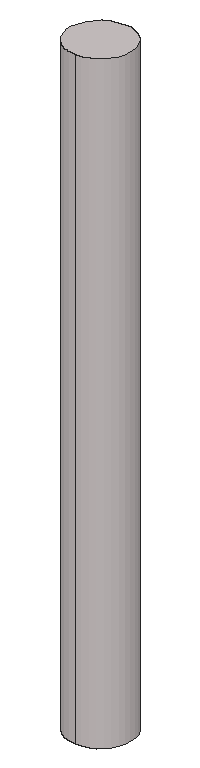
Revit family
Parameters (values of type "300 mm Dia")
  Diameter = 300 mm
  Column Material = RCC
Reference planes
  plane 1 "Center (Front/Back)": y = 100
  plane 2: z = 0
  plane 3 "Center (Left/Right)": x = 100
  plane 4 "Left": x = -50
  plane 5 "Right": x = 250
  plane 6 "Back": y = 250
  plane 7 "Front": y = -50
Forms (mm)
  Extrusion 1, solid, material "RCC" <- "Column Material"
    sketch origin (0, 0, 0) x (1, 0, 0) y (0, 1, 0)
      loop
        circle (100, 100) r 150
    from 0 to 3000
Lines and regions (mm)
  symbolic lines
    curve 1: arc (100, 250, 0) -> (250, 100, 0) -> (100, -50, 0) r 150
    curve 2: arc (100, 250, 0) -> (-50, 100, 0) -> (100, -50, 0) r 150
Dimensions and locks
  equal spacing: plane 4 "Left", plane 3 "Center (Left/Right)", plane 5 "Right"
  equal spacing: plane 7 "Front", plane 1 "Center (Front/Back)", plane 6 "Back"
  "Diameter": plane 4 "Left" to plane 5 "Right"
  "Diameter": plane 7 "Front" to plane 6 "Back"
  aligned and locked: plane 6 "Back" to Extrusion 1 sketch curve
  aligned and locked: plane 7 "Front" to Extrusion 1 sketch curve
  aligned and locked: level to Extrusion 1
Automatic sketch dimensions
  Extrusion 1 sketch curve to plane 3 "Center (Left/Right)" = 0 mm
  curve 2 to plane 3 "Center (Left/Right)" = 0 mm
  curve 1 to plane 7 "Front" = 0 mm
  curve 1 to plane 1 "Center (Front/Back)" = 0 mm
